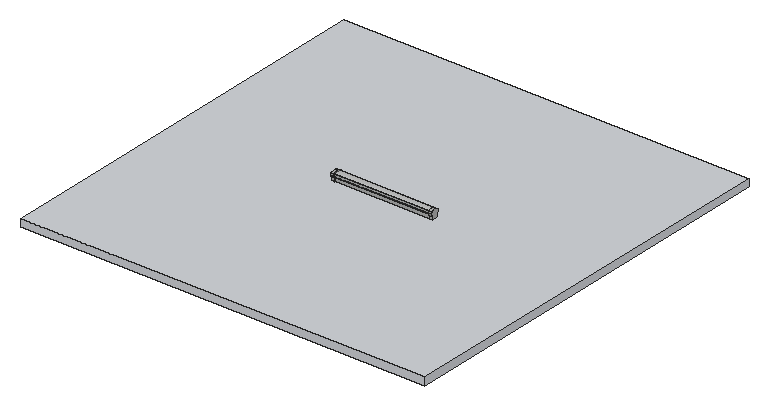
Revit family "P730000-030-30", category Lighting Fixtures, host Face, Revit 2014
Parameters (values of type "P730000-030-30")
  Wings = Paint - Hubbell - Light Silver
  Width = 1 3/4"
  Watts = 20 W
  Wattage Comments = "20W"
  Wattage = 20 W
  Warranty = "5 years Warranty"  # constant formula
  built-in parameter 1150110 = 1 (stored number, unit not read)
  Voltage = 120 V
  URL = "https://www.hubbell.com/progresslighting/en"
  built-in parameter 1114217 = 1 (stored number, unit not read)
  Tilt Angle = -90.00°
  built-in parameter 1150109 = 1 (stored number, unit not read)
  built-in parameter 1150134 = 3
  built-in parameter 1150113 = 1 (stored number, unit not read)
  Reflector Finish = Hubbell - White Glass
  Product Link = "https://www.hubbell.com/progresslighting/en/Products/Lighting-Controls/Residential-Indoor-Lighting/New-Indoor-Products/Two-Foot-LED-Strip-Light/p/4035418"
  Product Documentation Link = "https://hubbellcdn.com/specsheet/PROG_P730000-030-30_spec.pdf"
  Power Factor = 1
  Photometric Web File = "generic.ies"
  Mounting = Paint - Hubbell - Light Silver
  Model = "P730000-030-30"  # constant formula
  Manufacturer = "Progress Lighting"  # constant formula
  built-in parameter 1150105 = 127.32 (stored number, unit not read)
  Lumens = 1600 lm
  built-in parameter 1150115 = 1 (stored number, unit not read)
  Load Classification = Lighting
  built-in parameter 1150137 = (empty or 0)
  built-in parameter 1150139 = (empty or 0)
  Length = 23 7/8"
  built-in parameter 1150112 = 1 (stored number, unit not read)
  built-in parameter 1150114 = 1 (stored number, unit not read)
  Lamp = "LED"  # constant formula
  Inner Length = 7.87402"
  built-in parameter 1150132 = (empty or 0)
  built-in parameter 1150102 = (empty or 0)
  built-in parameter 1150107 = 3200 (stored number, unit not read)
  built-in parameter 1150138 = (empty or 0)
  built-in parameter 1150106 = 1.2732 (stored number, unit not read)
  Housing Material = Paint - Hubbell - White Texture
  Glass = Hubbell - Glass
  Fixture distribution = "Direct"  # constant formula
  Features = "White polycarbonate diffuser\r\n• Features a crisp white acrylic diffuser shaped into an elongated tubular silhouette.\r\n• Complemented by white end caps and a white metal chassis.\r\n• Can be mounted on a wall or ceiling to meet your unique design needs.\r\n• Ideal for kitchens, laundry rooms, garage utility areas, and work spaces.\r\n• Damp location listed.\r\n• Measures 23.661-inch width by 2.392-inch height.\r\n• Uses one integrated LED bulb (20w).\r\n• Able to be fully dimmable with dimmable bulbs.\r\n• Includes installation instructions and mounting hardware.\r\n• Progress Lighting products are designed for exceptional quality, reliability, and functionality.\r\n• Dimmable to 10% brightness (See Dimming Notes)\r\n• Mounting backplate for outlet box included\r\n• 6 in of wire supplied"  # constant formula
  Height = 1 7/8"
  Emit from Rectangle Width = Width  # 1 3/4"
  Emit from Rectangle Length = Length  # 23 7/8"
  Emit Shape Visible in Rendering = no
  built-in parameter 1150104 = 7.4322 (stored number, unit not read)
  Dimming Lamp Color Temperature Shift = <None>
  Description = "The Wrap and Strip Collection’s Two-Foot LED Strip Light features a crisp\r\nwhite acrylic diffuser shaped into an elegant elongated silhouette. The light\r\nfixture is complemented by white end caps and a white metal chassis. The\r\nstrip light can be mounted on a wall or ceiling."  # constant formula
  Default Elevation = 48"
  Copyright = " ©2020 Progress Lighting, a division of Hubbell Lighting, Inc"  # constant formula
  Contact = "https://www.hubbell.com/progresslighting/en/contactUs"
  Connector Description = "Lighting Connector"  # constant formula
  Color Filter = 16777215
  built-in parameter 1114218 = 1 (stored number, unit not read)
  built-in parameter 1150133 = 10 (stored number, unit not read)
  Assembly Code = "D5020200"
  Apparent Load = Watts / Power Factor  # 20 VA
Reference planes (in)
  plane 1 "Center (Front/Back)": y = 0
  plane 2: z = 0.5561
  plane 3 "Center (Left/Right)": x = 0
  plane 4: x = -11.9375
  plane 5: x = 11.9375
  plane 6: y = 0.875
  plane 7: y = -0.875
  plane 8: z = 2.4311
Forms (in)
  Extrusion 1, solid
    sketch origin (0, 0, 0) x (1, 0, 0) y (0, 1, 0)
      loop
        line (-48, 48) -> (-48, -48) -> (48, -48) -> (48, 48) -> (-48, 48)
    from 0.5561 to -1.25
  Extrusion 2, solid, material "Paint - Hubbell - White Texture" <- "Housing Material"
    sketch origin (0, 0, 0) x (0, 1, 0) y (0, 0, 1)
      loop
        line (0.625, 0.5561) -> (0.625, 1.45799)
        arc (0.625, 1.45799) -> (0.65374, 1.52737) -> (0.72311, 1.5561) r 0.09811
        line (0.72311, 1.5561) -> (0.8136, 1.5561)
        arc (0.8136, 1.5561) -> (0.85702, 1.57409) -> (0.875, 1.6175) r 0.0614
        line (0.875, 1.6175) -> (0.875, 2.22044)
        arc (0.875, 2.22044) -> (0, 2.4311) -> (-0.875, 2.22044) r 1.92251
        line (-0.875, 2.22044) -> (-0.875, 1.60679)
        arc (-0.875, 1.60679) -> (-0.86015, 1.57095) -> (-0.82431, 1.5561) r 0.05069
        line (-0.82431, 1.5561) -> (-0.72266, 1.5561)
        arc (-0.72266, 1.5561) -> (-0.6536, 1.5275) -> (-0.625, 1.45845) r 0.09766
        line (-0.625, 1.45845) -> (-0.625, 0.5561) -> (0.625, 0.5561)
    from -11.9375 to 11.9375
  Extrusion 3, solid, material "Paint - Hubbell - White Texture" <- "Housing Material"
    sketch origin (0, 0, 0) x (0, 1, 0) y (0, 0, 1)
      loop
        line (0.72311, 1.53657) -> (0.8136, 1.53657)
        arc (0.8136, 1.53657) -> (0.87083, 1.56028) -> (0.89453, 1.6175) r 0.08093
        line (0.89453, 1.6175) -> (0.89453, 2.23235)
        arc (0.89453, 2.23235) -> (0, 2.45063) -> (-0.89453, 2.23235) r 1.94204
        line (-0.89453, 2.23235) -> (-0.89453, 1.60679)
        arc (-0.89453, 1.60679) -> (-0.87396, 1.55714) -> (-0.82431, 1.53657) r 0.07022
        line (-0.82431, 1.53657) -> (-0.72266, 1.53657)
        arc (-0.72266, 1.53657) -> (-0.66741, 1.51369) -> (-0.64453, 1.45845) r 0.07813
        line (-0.64453, 1.45845) -> (-0.64453, 0.53657) -> (0.64453, 0.53657) -> (0.64453, 1.45799)
        arc (0.64453, 1.45799) -> (0.66755, 1.51356) -> (0.72311, 1.53657) r 0.07858
    from 11.29613 to 11.9375
  Extrusion 4, solid, material "Paint - Hubbell - White Texture" <- "Housing Material"
    sketch origin (0, 0, 0) x (0, 1, 0) y (0, 0, -1)
      loop
        arc (0.72311, -1.48717) -> (0.66755, -1.46415) -> (0.64453, -1.40859) r 0.07858
        line (0.64453, -1.40859) -> (0.64453, -0.53657) -> (-0.64453, -0.53657) -> (-0.64453, -1.45845)
        arc (-0.64453, -1.45845) -> (-0.66741, -1.51369) -> (-0.72266, -1.53657) r 0.07813
        line (-0.72266, -1.53657) -> (-0.82431, -1.53657)
        arc (-0.82431, -1.53657) -> (-0.87396, -1.55714) -> (-0.89453, -1.60679) r 0.07022
        line (-0.89453, -1.60679) -> (-0.89453, -2.23235)
        arc (-0.89453, -2.23235) -> (0, -2.45063) -> (0.89453, -2.23235) r 1.94204
        line (0.89453, -2.23235) -> (0.89453, -1.5681)
        arc (0.89453, -1.5681) -> (0.87083, -1.51087) -> (0.8136, -1.48717) r 0.08093
        line (0.8136, -1.48717) -> (0.72311, -1.48717)
    from 11.29613 to 11.9375
  Extrusion 5, solid, material "Hubbell - Glass" <- "Glass"
    sketch origin (0, 0, 0) x (0, 1, 0) y (0, 0, 1)
      loop
        arc (-0.88521, 2.23716) -> (-0.8831, 2.21251) -> (-0.875, 2.18914) r 0.09994
        line (-0.875, 2.18914) -> (-0.875, 2.22044)
        arc (-0.875, 2.22044) -> (0, 2.4311) -> (0.875, 2.22044) r 1.92251
        line (0.875, 2.22044) -> (0.875, 2.18914)
        arc (0.875, 2.18914) -> (0.8831, 2.21251) -> (0.88521, 2.23716) r 0.09994
        arc (0.88521, 2.23716) -> (0, 2.45063) -> (-0.88521, 2.23716) r 1.94204
    from -11.29613 to 11.29613
Dimensions and locks (in)
  "Length": plane 4 to plane 5
  "Width": plane 7 to plane 6
  equal spacing: plane 4, plane 3 "Center (Left/Right)", plane 5
  "Height": plane 8 to plane 2
  aligned and locked: plane 2 to Extrusion 1
  aligned and locked: Extrusion 2 to plane 4
  aligned and locked: plane 5 to Extrusion 2
  aligned and locked: Extrusion 5 to Extrusion 4
  aligned and locked: Extrusion 5 to Extrusion 3
Automatic sketch dimensions
  Extrusion 1 sketch curve to Extrusion 1 sketch curve = 96"  (x2)
  Extrusion 2 sketch curve to plane 7 = 0"
  Extrusion 2 sketch curve to plane 2 = 0"
  Extrusion 2 sketch curve to plane 1 "Center (Front/Back)" = 0"
  Extrusion 2 sketch curve to plane 6 = 0"
  Extrusion 2 sketch curve to Extrusion 2 sketch curve = 0.05069"
  Extrusion 2 sketch curve to Extrusion 2 sketch curve = 0.10165"
  Extrusion 2 sketch curve to plane 7 = 1/4"
  plane 6 to Extrusion 2 sketch curve = 1/4"
  Extrusion 2 sketch curve to Extrusion 2 sketch curve = 0.09811"
  plane 6 to Extrusion 2 sketch curve = 0.0614"
  Extrusion 2 sketch curve to plane 2 = 0.04751"
  plane 2 to Extrusion 2 sketch curve = 0.90189"
  Extrusion 2 sketch curve to Extrusion 2 sketch curve = 231/256"
  Extrusion 2 sketch curve to plane 8 = 0.21066"
  Extrusion 3 sketch curve to plane 1 "Center (Front/Back)" = 0"
  Extrusion 3 sketch curve to plane 2 = 5/256"
  Extrusion 3 sketch curve to plane 7 = 59/256"
  Extrusion 3 sketch curve to Extrusion 3 sketch curve = 5/64"
  Extrusion 3 sketch curve to plane 7 = 0.05069"
  plane 7 to Extrusion 3 sketch curve = 5/256"
  plane 6 to Extrusion 3 sketch curve = 59/256"
  Extrusion 3 sketch curve to Extrusion 3 sketch curve = 0.07858"
  plane 6 to Extrusion 3 sketch curve = 0.0614"
  Extrusion 3 sketch curve to plane 6 = 5/256"
  Extrusion 3 sketch curve to plane 2 = 0.04751"
  plane 2 to Extrusion 3 sketch curve = 0.90189"
  plane 2 to Extrusion 3 sketch curve = 231/256"
  Extrusion 3 sketch curve to plane 8 = 0.19875"
  Extrusion 4 sketch curve to plane 1 "Center (Front/Back)" = 0"
  Extrusion 4 sketch curve to plane 2 = 5/256"
  Extrusion 4 sketch curve to plane 7 = 59/256"
  Extrusion 4 sketch curve to Extrusion 4 sketch curve = 5/64"
  Extrusion 4 sketch curve to plane 7 = 0.05069"
  plane 7 to Extrusion 4 sketch curve = 5/256"
  plane 6 to Extrusion 4 sketch curve = 59/256"
  Extrusion 4 sketch curve to Extrusion 4 sketch curve = 0.07858"
  plane 6 to Extrusion 4 sketch curve = 0.0614"
  Extrusion 4 sketch curve to plane 6 = 5/256"
  plane 2 to Extrusion 4 sketch curve = 0.85249"
  plane 2 to Extrusion 4 sketch curve = 231/256"
  Extrusion 4 sketch curve to plane 8 = 0.19875"
  Extrusion 4 sketch curve to plane 2 = 0.04751"
  Extrusion 5 sketch curve to Extrusion 5 sketch curve = 0"  (x2)
  Extrusion 5 sketch curve to plane 7 = 0"
  Extrusion 5 sketch curve to plane 1 "Center (Front/Back)" = 0"
  Extrusion 5 sketch curve to plane 6 = 0"
  Extrusion 5 sketch curve to plane 7 = 0.08966"
  plane 6 to Extrusion 5 sketch curve = 0.08966"
  Extrusion 5 sketch curve to plane 2 = 0.04751"
  Extrusion 5 sketch curve to plane 8 = 0.24197"
  Extrusion 5 sketch curve to Extrusion 5 sketch curve = 0.0313"
  Extrusion 5 sketch curve to Extrusion 5 sketch curve = 0.01285"  (x2)
  plane 7 to Extrusion 5 sketch curve = 0.01021"
  Extrusion 5 sketch curve to plane 6 = 0.01021"
Connectors (in)
  electrical at (0, 0, 0.5561), driven by "Voltage", driven by "Apparent Load", driven by "Power Factor", driven by "Connector Description"
    settings: on Extrusion 2, index 1, voltage 120 V, apparent load 20 VA, apparent load phase1 0 VA, apparent load phase2 0 VA, apparent load phase3 0 VA, power factor 1, load classification "Other", number of poles 1, system type 30, power factor state 1, is connector primary yes, connector utility no, sub classification motor no, connector description "Lighting Connector"
